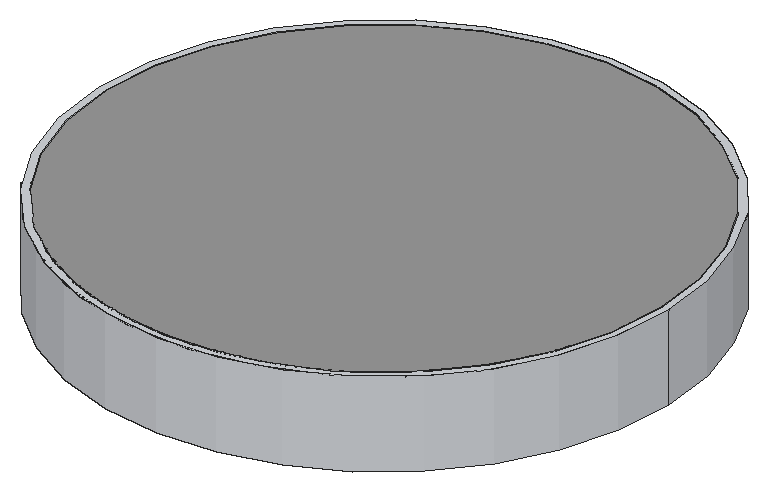
Revit family "2071112", category Lighting Fixtures, host Face, Revit 2018
Family settings
  Host = Face
  Round Connector Dimension = Use Diameter
  Part Type = Normal
  OmniClass Number = 23.80.70.00
  OmniClass Title = Lighting
  Cut with Voids When Loaded = No
  Light Source = Yes
  Shared = No
  Room Calculation Point = No
Parameters (values of type "2071112 COLOSSAL 400 840 OP DIR WHT EM")
  iner diameter = 390 mm
  Weight = "n/a"
  Wattage Comments = ""
  Wattage = 30 W
  WarrantyStartDate [instance] = "n/a"
  WarrantyGuarantorParts = "n/a"
  WarrantyDurationUnit = "n/a"
  WarrantyDurationParts = ""
  WarrantyDescription = "http://www.sylvania-lighting.com"
  built-in parameter 1150110 = 1 (stored number, unit not read)
  Voltage = 230 V
  URL = "0.95"
  TypeName = "COLOSSAL 400mm 840 OPAL DIR WHITE EM"
  Type Image = <None>
  Type Comments = "n/a"
  built-in parameter 1114217 = 1 (stored number, unit not read)
  Tilt Angle = -90.00°
  built-in parameter 1150109 = 1 (stored number, unit not read)
  built-in parameter 1150134 = (empty or 0)
  built-in parameter 1150113 = 1 (stored number, unit not read)
  SerialNumber [instance] = "n/a"
  Photometric Web File = "2071112.ies"
  Material_3_SYL = LED-Sylvania
  PowerFactor = 0
  PowerConsumption = "Lighting"
  NominalLength = 400 mm
  NominalHeight = 93 mm
  NominalDepth = 400 mm
  Name = "COLOSSAL 400mm 840 OPAL DIR WHITE EM"
  ModelReference = Name  # "COLOSSAL 400mm 840 OPAL DIR WHITE EM"
  ModelNumber = "2071112"
  Model = Name  # "COLOSSAL 400mm 840 OPAL DIR WHITE EM"
  Material = "Feilo Sylvania"
  ManufacturerName = "120 lm/W"
  Manufacturer = ""
  LuminousEfficacy = ""
  built-in parameter 1150105 = 270.44 (stored number, unit not read)
  Lumens = 3398.4 lm
  LuminaireType = "0"
  built-in parameter 1150115 = 1 (stored number, unit not read)
  LightOutputRatio = "LED"
  built-in parameter 1150137 = (empty or 0)
  built-in parameter 1150139 = (empty or 0)
  LampsType = Lamp  # "n/a"
  LampNominalLuminous = "4000 K"
  LampMacAdamStep = "80"
  LampColourTemperature = "LED"
  LampColourRenderingIndex = "16500"
  built-in parameter 1150112 = 1 (stored number, unit not read)
  built-in parameter 1150114 = 1 (stored number, unit not read)
  Lamp = "n/a"
  Keynote = "n/a"
  InstallationDate [instance] = "n/a"
  InputVoltage = "0"
  InputNominalFrequency = "4000"
  built-in parameter 1150132 = (empty or 0)
  built-in parameter 1150102 = (empty or 0)
  built-in parameter 1150107 = 3000 (stored number, unit not read)
  built-in parameter 1150138 = (empty or 0)
  IngressProtection = "IfcLightFixtureType"
  ImpactProtectionIndex = "IfcLightFixtureType"
  built-in parameter 1150106 = 2.7044 (stored number, unit not read)
  IfcExportType = "IfcLightFixtureType"
  IfcExportAs = "Class I"
  Emit from Circle Diameter = 385 mm
  Emit Shape Visible in Rendering = no
  ElectricShockClassification = "120"
  built-in parameter 1150104 = 10.524 (stored number, unit not read)
  DocumentationLiterature = "http://www.sylvania-lighting.com/product/en-int/products/2071112"
  DimmingControlOptions = "n/a"
  Material_2_SYL = Polycarbonate_Sylvania_White
  Dimming Lamp Color Temperature Shift = <None>
  Description = "400mm diameter circular architectural luminaire, can be surface mounted or suspended. Powder coated aluminium housing (RAL9016) with polycarbonate opal diffuser. Direct light distribution, 2580lm luminuous flux, 21.2W system power, 122lm/W luminiaire efficacy. Constant current driver. 3 hours integrated emergency. Colour rendering index Ra >80, 4000K Neutral White LED, chromaticity tolerance of 3-step MacAdam ellipse. IP40, IK03. 450mA drive current. Electrical protection Class1, 220-240V. Reported lifetime 66k hours L90B10."
  Default Elevation = 1219.2 mm
  CreatedOn = "22/03/2022"
  CreatedBy = "@sylvania-lighting.com"
  Cost = 0
  Color Filter = 16777215
  built-in parameter 1114216 [instance] = (empty or 0)
  ClassificationValue = "EF_70_80"
  ClassificationName = "Uniclass2015"
  Material_1_SYL = Polycarbonate_Sylvania_Opal
  BarCode [instance] = "n/a"
  built-in parameter 1114218 = 1 (stored number, unit not read)
  built-in parameter 1150133 = 10 (stored number, unit not read)
  AssetType = "Fixed"
  AssetIdentifier [instance] = "n/a"
  Assembly Code = "D5020200"
  Apparent Load = 21.2 VA
  Material_4_SYL = none
Reference planes
  plane 1 "Center (Front/Back)": y = 0
  plane 2: z = 0
  plane 3 "Center (Left/Right)": x = 0
  plane 4: x = -200
  plane 5: x = 200
  plane 6: y = 200
  plane 7: y = -200
  plane 8: y = 236
  plane 9: y = -236
  plane 10: z = 93
  plane 11: y = 195
  plane 12: y = -195
  plane 13: y = 90.5
  plane 14: y = 144.5
  plane 15: through (52.25, 90.5, 1219.2) normal (0.866, 0.5, 0)
  plane 16: through (52.25, 90.5, 1219.2) normal (0.866, 0.5, 0)
  plane 17: through (63.706, 126.657, 1219.2) normal (0.866, 0.5, 0)
  plane 18: through (-104.5, 0, 1219.2) normal (-0.866, 0.5, 0)
  plane 19: through (-142.394, -9.633, 1219.2) normal (-0.866, 0.5, 0)
  plane 20: y = -90.5
  plane 21: y = -118.5
  plane 22: through (85.371, -141.133, 1219.2) normal (-0.866, 0.5, 0)
  plane 23: through (52.25, -90.5, 1219.2) normal (-0.866, 0.5, 0)
  plane 24: through (-161.658, 0, 1219.2) normal (0.866, 0.5, 0)
  plane 25: through (-172.12, 9.121, 1219.2) normal (0.866, 0.5, 0)
  plane 26: through (-104.5, 0, 1219.2) normal (0.866, 0.5, 0)
Forms (mm)
  Extrusion 1, solid, detail levels medium+fine
    sketch origin (0, 0, 0) x (1, 0, 0) y (0, 1, 0)
      loop
        circle (0, 0) r 200
    from 33.023 to 93
  Extrusion 2, void
    sketch origin (0, 0, 0) x (1, 0, 0) y (0, 1, 0)
      loop
        circle (0, 0) r 195
    from 93 to 37.292
  Extrusion 3, solid, material "Glass, White, High Luminance", detail levels fine
    sketch origin (0, 0, 0) x (1, 0, 0) y (0, 1, 0)
      loop
        circle (0, 0) r 195
    from 88.026 to 93
  Extrusion 4, solid, detail levels coarse
    sketch origin (0, 0, 0) x (1, 0, 0) y (0, 1, 0)
      loop
        line (-200, 200) -> (-200, -200) -> (200, -200) -> (200, 200) -> (-200, 200)
    from 0 to 93
  Blend 5, solid, detail levels medium+fine
    base sketch origin (0, 0, 0) x (1, 0, 0) y (0, 1, 0)
      loop
        line (-52.25, 90.5) -> (-104.5, 0) -> (-52.25, -90.5) -> (52.25, -90.5) -> (104.5, 0) -> (52.25, 90.5) -> (-52.25, 90.5)
    top sketch origin (0, 0, 0) x (1, 0, 0) y (0, 1, 0)
      loop
        line (-53.405, 144.5) -> (-149.245, -21.5) -> (-93.242, -118.5) -> (98.438, -118.5) -> (151.843, -26) -> (53.405, 144.5) -> (-53.405, 144.5)
    from 0 to 33.023
Cuts and joins
  Extrusion 2 cuts Extrusion 1
Dimensions and locks
  "NominalDepth": plane 6 to plane 7
  "NominalLength": plane 4 to plane 5
  equal spacing: plane 4, plane 3 "Center (Left/Right)", plane 5
  "iner diameter": plane 11 to plane 12
  equal spacing: plane 11, plane 1 "Center (Front/Back)", plane 12
  equal spacing: plane 6, plane 1 "Center (Front/Back)", plane 7
  "NominalHeight": plane 10 to level
  plane 19 to plane 18 = 28 mm
  radius of Extrusion 2 sketch curve = 195 mm
  aligned and locked: plane 2 to host face
  aligned and locked: level to host face
Automatic sketch dimensions
  host sketch curve to host sketch curve = 2438.4 mm  (x2)
  plane 1 "Center (Front/Back)" to Extrusion 1 sketch curve = 0 mm
  Extrusion 1 sketch curve to plane 3 "Center (Left/Right)" = 0 mm
  plane 1 "Center (Front/Back)" to Extrusion 2 sketch curve = 0 mm
  Extrusion 2 sketch curve to plane 3 "Center (Left/Right)" = 0 mm
  plane 1 "Center (Front/Back)" to Extrusion 3 sketch curve = 0 mm
  Extrusion 3 sketch curve to plane 3 "Center (Left/Right)" = 0 mm
  Extrusion 4 sketch curve to plane 4 = 0 mm
  Extrusion 4 sketch curve to plane 5 = 0 mm
  Extrusion 4 sketch curve to plane 7 = 0 mm
  Extrusion 4 sketch curve to plane 6 = 0 mm
  Blend 5 sketch curve to plane 19 = 0 mm  (x2)
  Blend 5 sketch curve to plane 24 = 0 mm  (x2)
  Blend 5 sketch curve to plane 21 = 0 mm
  Blend 5 sketch curve to plane 14 = 0 mm
  Blend 5 sketch curve to plane 17 = 0 mm  (x2)
  Blend 5 sketch curve to plane 22 = 0 mm  (x2)
  radius of Extrusion 1 sketch curve = 200 mm
  radius of Extrusion 3 sketch curve = 195 mm
Connectors
  electrical at (0, 0, 0), driven by "Apparent Load", driven by "PowerFactor", driven by "Voltage"
    settings: index 1, voltage 230 V, apparent load 21.2 VA, apparent load phase1 0 VA, apparent load phase2 0 VA, apparent load phase3 0 VA, power factor 0, load classification "Lighting", number of poles 1, system type 30, power factor state 1, is connector primary yes, connector utility no, sub classification motor no, connector description ""
